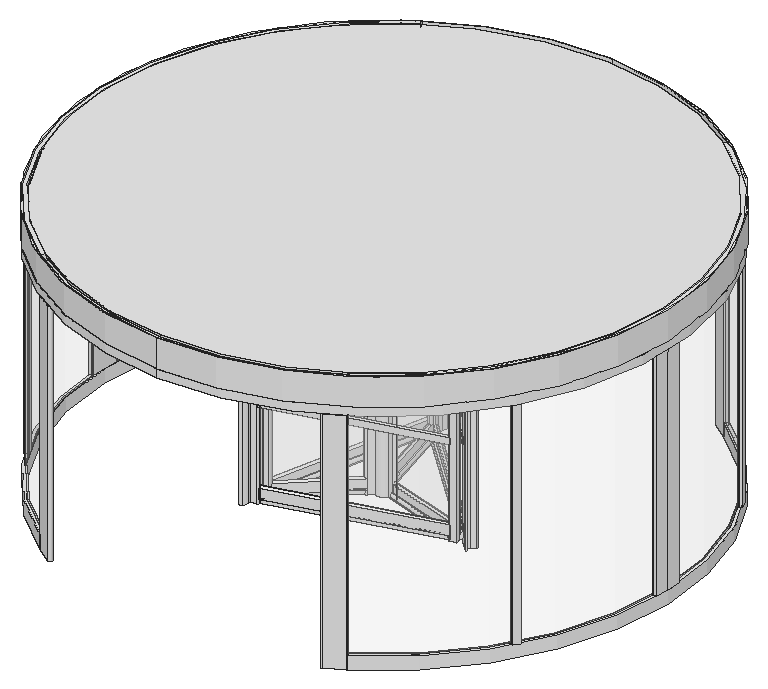
Revit family "Automatic Revolving Door RD3L", category Doors, host Wall, Revit 2019
Family settings
  Host = Wall
  OmniClass Number = 23.30.10.00
  OmniClass Title = Doors
  Always vertical = Yes
  Cut with Voids When Loaded = No
  Shared = No
  Room Calculation Point = No
Parameters (values of type "RD700 18'")
  Youtube clip = ""
  Wing Length = 3' - 0 23/32"
  Weight Net (Kg) = "0"
  URL = "http://besam.bimobject.com/RD3L"
  UNSPSC Code = "301715"
  Region South America = "All"
  Region Oceania = "All"
  Region North America = "All"
  Region Middle East = "All"
  Region Europe = "All"
  Region Asia = "All"
  Region Antarctica = "All"
  Region Africa = "All"
  QR code = "http://besam.bimobject.com/RD3L"
  Product certification = "http://www.assaabloyentrance.com/en/aaes/aaes/maintenance-and-modernization/Maintenance-programs-and-service/aaed-Pro-Active-Care/"
  Nominal width = "0.00"
  Nominal height = "0.00"
  NBS Reference Code = "25-30-20-70"
  Model = "RD3L"
  Material secondary = "Glass"
  Material main = "Aluminium"
  Manufacturer name = "Besam-EMEA"
  Manufacturer = "Besam"
  Folding Length = 5' - 9 9/16"
  Rotation Angle [instance] = 0.00°
  Midrail Option = yes
  Midrail Height Calc [instance] = if(Midrail Height > 1' 2 1/4", if(Midrail Height < 4' 5 5/8", Midrail Height, 4' 5 5/8"), 1' 2 1/4")  # 2' - 9.93701"
  Midrail Height = 2' - 9.93701"
  HI Calc = if(Height > 6' 6 3/4", if(Height < 8' 6 3/8", Height, 8' 6 3/8"), 6' 6 3/4")  # 7' - 2 1/2"
  HT = HI Calc + Above Panel Height Calc  # 8' - 4"
  HF Calc = if(HF > 0' 4 27/32", if(HF < 2' 11 7/16", HF, 2' 11 7/16"), 0' 4 27/32")  # 0' - 4 27/32"
  HF = 0' - 4.84252"
  Frame angle = 31.40°
  Radous 4 = Radius 3 + 0' 0 1/16"  # 8' - 11 51/64"
  EAN code = "http://-"
  Distance = Radius 1 - 0' 0 1/16"  # 8' - 10 7/64"
  Width (mm) = 0' - 0"
  WarrantyStartDate = ""
  WarrantyDuration = ""
  Uniclass 2.0 Description = "Revolving Doorset Systems"
  Uniclass 2.0 Code = "SS-25-30-20-70"
  Uniclass 1.4 Description = "Doors"
  Uniclass 1.4 Code = "L411"
  UNSPSC Category = "Doors"
  TypeName = ""
  Technical description = "http://www.besam.co.uk/en/besam/besam-uk/Products/?groupId=184473&productId=618109"
  TagNumber = ""
  TW = 8' - 6 1/32"
  Size = ""
  SerialNumber = ""
  Folding Angle = if(Door Folding, 32.00°, 180.00°)  # 32.00°
  Door Folding = yes
  Rotation Angle Calc [instance] = Rotation Angle + 45.00°  # 45.00°
  Radius 1 = Radius 3 - 0' 1 9/16"  # 8' - 10 11/64"
  Product identifier = "besam.bimobject.com/RD3L"
  Product group = "Besam Large 3-wing RD3L"
  Product family = "Automatic Revolving Doors"
  Product data url = "http://besam.bimobject.com/RD3L"
  Product SKU = "RD700"
  Omniclass = ""
  Name of the object = "RD700"
  NBS Reference Description = "Revolving Doorset Systems"
  Material = ""
  Manufacturer country = "Czech Republic"
  Manufacturer URL = "http://www.besam.co.uk"
  InstallationDate = ""
  Installation instructions = ""
  IFC Classification = "Door"
  Height (mm) = 0' - 0"
  Grade = ""
  Finish = ""
  Features = ""
  Extidentifier = ""
  Edition number = "2"
  Door Glass Material [instance] = Besam-Glass Clear
  Door Frame Material [instance] = Besam-Anodized Aluminium
  Disclaimer = "Consult product specification for sensors to comply with ANSI A156.27."
  Design country = "Sweden"
  Depth (mm) = 0' - 0"
  Depth = "0.00"
  Deep Tight Rail [instance] = yes
  Deep Bottom Rail [instance] = not(Deep Tight Rail)  # no
  Date of publishing = "2014-03-28"
  Function = Interior
  Height = 7' - 2 1/2"
  Wall Closure = By host
  Width = 17' - 11 25/32"
  Radius 2 = Radius 3 + 0' 0 13/32"  # 9' - 0 9/64"
  Radius 3 = (Width - 0' 0 5/16") / 2  # 8' - 11 47/64"
  Created on = ""
  Created by = ""
  ConnectionType = ""
  Colour = ""
  COBIe Type Category = ""
  Barcode = ""
  BIMobject category = "Revolving Doors"
  BIMobject QR code url = "http://besam.bimobject.com/RD3L"
  AssetIdentifier = ""
  Analytic Construction = "<None>"
  AccessibilityPerformance = ""
  Above Panel Height Calc = if(Above Panel Height > 1' 1 3/8", if(Above Panel Height < 4' 1 7/32", Above Panel Height, 4' 1 7/32"), 1' 1 3/8")  # 1' - 1 1/2"
  Above Panel Height = 1' - 1 1/2"
Reference planes (in)
  plane 1: y = 0
  plane 2 "Center (Left/Right)": x = 0
  plane 3 "Left": x = -107.89063
  plane 4 "Right": x = 107.89062
  plane 5 "Exterior": y = 0.94685
  plane 6 "Interior": y = -0.94685
  plane 7: x = -51.01563
  plane 8: x = 51.01562
  plane 9: x = -57.51169
  plane 10: x = 57.51169
  plane 11: z = 4.84375
  plane 12: z = 86.5
  plane 13: z = 100
  plane 14: z = 33.93701
Forms (in)
  Sweep 1, solid, material "Besam-Anodized Aluminium" <- "Door Frame Material"
    path origin (0, 0, 0) x (1, 0, 0) y (0, 1, 0)
      loop
        arc (-57.51169, 89.24614) -> (-106.17188, 0) -> (-57.51169, -89.24614) r 106.17188
    profile origin (-106.17188, 0, 0) x (1, 0, 0) y (0, 0, 1)
      loop
        line (-0.14173, 0) -> (-0.14173, 4.84375) -> (-0.39961, 4.84375) -> (-0.39961, 4.33415) -> (-0.75394, 4.33415) -> (-0.75394, 4.84375) -> (-1.71654, 4.84375) -> (-1.71654, 0) -> (-0.14173, 0)
  Sweep 2, solid, material "Besam-Glass Clear" <- "Door Glass Material"
    path origin (0, 0, 0) x (1, 0, 0) y (0, 1, 0)
      loop
        arc (-57.26351, 89.40558) -> (-106.17187, -0.00024) -> (-57.2631, -89.40584) r 106.17188
    profile origin (-106.17187, -0.00024, 0) x (1, 0.000002, 0) y (0, 0, 1)
      loop
        line (-0.75394, 4.33415) -> (-0.39961, 4.33415) -> (-0.39961, 87.09055) -> (-0.75394, 87.09055) -> (-0.75394, 4.33415)
  Sweep 3, solid, material "Besam-Anodized Aluminium" <- "Door Frame Material"
    path in 3D
      loop
        arc (-57.58846, 89.36527, 4.84375) -> (-106.31361, 0, 4.84375) -> (-57.58846, -89.36527, 4.84375) r 106.31361
    profile origin (-106.31361, 0, 4.84375) x (0, 0, -1) y (1, 0, 0)
      loop
        line (-95.15625, -1.57702) -> (-84.80586, -1.57702) -> (-84.80586, 0.43307) -> (-87.95546, 0.43307) -> (-87.95546, 6.49606) -> (-88.93971, 6.49606) -> (-88.93971, 4.13386) -> (-91.97863, 4.13386) -> (-91.97863, 6.49606) -> (-92.96288, 6.49606) -> (-92.96288, 0.59055) -> (-94.52206, 0.59055) -> (-94.52206, -0.00111) -> (-95.15625, -0.00111) -> (-95.15625, -1.57702)
  Sweep 4, solid, material "Besam-Anodized Aluminium" <- "Door Frame Material"
    path origin (0, 0, 0) x (-1, 0, 0) y (0, 1, 0)
      loop
        arc (-57.51169, 89.24614) -> (-106.17188, 0) -> (-57.51169, -89.24614) r 106.17188
    profile origin (106.17187, 0, 0) x (1, 0, 0) y (0, 0, 1)
      loop
        line (0.1378, 0) -> (1.7126, 0) -> (1.7126, 4.84375) -> (0.74887, 4.84375) -> (0.74887, 4.33502) -> (0.3937, 4.33502) -> (0.3937, 4.84375) -> (0.1378, 4.84375) -> (0.1378, 0)
  Sweep 5, solid, material "Besam-Glass Clear" <- "Door Glass Material"
    path origin (0, 0, 0) x (-1, 0, 0) y (0, 1, 0)
      loop
        arc (-57.51169, 89.24614) -> (-106.17188, 0) -> (-57.51169, -89.24614) r 106.17188
    profile origin (106.17187, 0, 0) x (1, 0, 0) y (0, 0, 1)
      loop
        line (0.74887, 4.33502) -> (0.74887, 87.09055) -> (0.3937, 87.09055) -> (0.3937, 4.33502) -> (0.74887, 4.33502)
  Extrusion 6, solid, material "Besam-Anodized Aluminium" <- "Door Frame Material"
    sketch origin (0, 0, 100) x (0, -1, 0) y (-1, 0, 0)
      loop
        circle (0, 0) r 106.10938
    from 0.62992 to 0
  Sweep 7, solid, material "Besam-Anodized Aluminium" <- "Door Frame Material"
    path origin (0, 0, 0) x (-0.866025, 0.5, 0) y (0, 0, 1)
      loop
        line (106.17187, 4.84375) -> (106.17187, 86.5)
    profile origin (-91.94754, 53.08594, 45.67188) x (0.866025, -0.5, 0) y (0.5, 0.866025, 0)
      loop
        line (-0.70095, -0.21892) -> (-0.35202, -0.21892) -> (-0.34649, -1.17507) -> (-0.09843, -1.1814) -> (-0.09843, 1.1811) -> (-0.38724, 1.1811) -> (-0.39345, 0.24619) -> (-0.7478, 0.24619) -> (-0.74238, 1.17741) -> (-1.7069, 1.18667) -> (-1.7069, -1.18667) -> (-0.70095, -1.17701) -> (-0.70095, -0.21892)
  Sweep 8, solid, material "Besam-Anodized Aluminium" <- "Door Frame Material"
    path origin (0, 0, 0) x (-1, 0, 0) y (0, 0, 1)
      loop
        line (106.17188, 4.84375) -> (106.17188, 86.5)
    profile origin (-106.17188, 0, 45.67188) x (1, 0, 0) y (0, 1, 0)
      loop
        line (-1.59643, -5.35794) -> (-0.57772, -5.30869) -> (-0.5913, -4.98557) -> (-0.23729, -4.97068) -> (-0.22359, -5.29657) -> (-0.0151, -5.28109)
        arc (-0.0151, -5.28109) -> (-0.16734, 0.00491) -> (-0.0151, 5.29091) r 91.84596
        line (-0.0151, 5.29091) -> (-0.22344, 5.30031) -> (-0.23827, 4.97146) -> (-0.59123, 4.98738) -> (-0.5768, 5.30728) -> (-1.59643, 5.36275)
        arc (-1.59643, 5.36275) -> (-1.74213, 0.00241) -> (-1.59643, -5.35794) r 98.67807
  Sweep 9, solid, material "Besam-Anodized Aluminium" <- "Door Frame Material"
    path origin (0, 0, 0) x (-0.866025, -0.5, 0) y (0, 0, 1)
      loop
        line (106.17187, 4.84375) -> (106.17187, 86.5)
    profile origin (-91.94754, -53.08594, 45.67188) x (0.866025, 0.5, 0) y (-0.5, 0.866025, 0)
      loop
        line (-1.66624, 1.191) -> (-1.70116, -1.18295) -> (-0.74238, -1.17741) -> (-0.7478, -0.23977) -> (-0.39347, -0.23977) -> (-0.38807, -1.17401) -> (-0.09218, -1.17401)
        arc (-0.09218, -1.17401) -> (-0.09843, 0) -> (-0.09218, 1.17401) r 110.29118
        line (-0.09218, 1.17401) -> (-0.35065, 1.17401) -> (-0.35616, 0.22466) -> (-0.71049, 0.22466) -> (-0.70496, 1.17686) -> (-1.66624, 1.191)
  Sweep 10, solid, material "Besam-Anodized Aluminium" <- "Door Frame Material"
    path origin (0, 0, 0) x (1, 0, 0) y (0, 0, 1)
      loop
        line (106.17187, 4.84375) -> (106.17187, 86.5)
    profile origin (106.17187, 0, 45.67188) x (-1, 0, 0) y (0, -1, 0)
      loop
        arc (-1.5347, 5.36445) -> (-1.6467, 2.6842) -> (-1.68404, 0.00186) r 96.35472
        arc (-1.68404, 0.00186) -> (-1.6467, -2.68047) -> (-1.5347, -5.36073) r 96.35472
        line (-1.5347, -5.36073) -> (-0.57134, -5.31416) -> (-0.58535, -4.9807) -> (-0.23133, -4.96583) -> (-0.21726, -5.30067) -> (0.04162, -5.28815)
        arc (0.04162, -5.28815) -> (-0.10581, 0.00005) -> (0.04163, 5.28825) r 94.90859
        line (0.04163, 5.28825) -> (-0.21647, 5.30073) -> (-0.23263, 4.96647) -> (-0.58161, 4.96647) -> (-0.57547, 5.31808) -> (-1.5347, 5.36445)
  Sweep 11, solid, material "Besam-Anodized Aluminium" <- "Door Frame Material"
    path origin (0, 0, 0) x (0.866025, 0.5, 0) y (0, 0, 1)
      loop
        line (106.17187, 4.84375) -> (106.17187, 86.5)
    profile origin (91.94754, 53.08594, 45.67188) x (-0.866025, -0.5, 0) y (0.5, -0.866025, 0)
      loop
        line (-0.69705, 0.84395) -> (-0.69431, 1.17701) -> (-1.65612, 1.18493) -> (-1.7069, -1.18667) -> (-0.74238, -1.17741) -> (-0.74628, -0.77068) -> (-0.39129, -0.76727) -> (-0.38739, -1.174) -> (-0.13134, -1.17177) -> (-0.08105, 1.17669) -> (-0.33999, 1.17443) -> (-0.34273, 0.84152) -> (-0.69705, 0.84395)
  Sweep 12, solid, material "Besam-Anodized Aluminium" <- "Door Frame Material"
    path origin (0, 0, 0) x (0.866025, -0.5, 0) y (0, 0, 1)
      loop
        line (106.17187, 4.84375) -> (106.17187, 86.5)
    profile origin (91.94754, -53.08594, 45.67188) x (-0.866025, 0.5, 0) y (-0.5, -0.866025, 0)
      loop
        line (-1.69821, 1.1733) -> (-1.66356, -1.18274) -> (-0.69962, -1.17716) -> (-0.70518, -0.21651) -> (-0.35085, -0.21447) -> (-0.3453, -1.17401) -> (-0.0912, -1.17401) -> (-0.0912, 1.17401) -> (-0.38807, 1.17401) -> (-0.39191, 0.66172) -> (-0.74623, 0.66438) -> (-0.74231, 1.18736) -> (-1.69821, 1.1733)
  Sweep 13, solid, material "Besam-Anodized Aluminium" <- "Door Frame Material"
    path origin (0, 0, 0) x (1, 0, 0) y (0, 1, 0)
      loop
        arc (57.51169, -89.24614) -> (106.17187, 0) -> (57.51169, 89.24614) r 106.17188
    profile origin (106.17187, 0, 0) x (-1, 0, 0) y (0, 0, 1)
      loop
        line (-1.71875, 100) -> (-1.71875, 89.64961) -> (0.4466, 89.64961) -> (0.4466, 92.79921) -> (6.5096, 92.79921) -> (6.5096, 93.78346) -> (4.14739, 93.78346) -> (4.14739, 96.82238) -> (6.5096, 96.82238) -> (6.5096, 97.80663) -> (0.60408, 97.80663) -> (0.60408, 99.36581) -> (0.01242, 99.36581) -> (0.01242, 100) -> (-1.71875, 100)
  Sweep 14, solid, material "Besam-Anodized Aluminium" <- "Door Frame Material"
    path origin (-55.31657, -90.62309, 0) x (0, 0, 1) y (-0.853551, 0.52101, 0)
      loop
        line (0, 0) -> (86.5, 0)
    profile origin (-55.31657, -90.62309, 43.25) x (-0.853551, 0.52101, 0) y (-0.52101, -0.853551, 0)
      loop
        arc (-4.71285, 1.68197) -> (-5.47285, 0.85864) -> (-4.67766, 0.06925) r 0.80709
        arc (-4.67766, 0.06925) -> (-1.02596, 0.16019) -> (2.6264, 0.10168) r 89.28488
        line (2.6264, 0.10168) -> (2.63602, 0.36529) -> (2.30368, 0.372) -> (2.31083, 0.72626) -> (2.64365, 0.71954) -> (2.66229, 1.68393)
        arc (2.66229, 1.68393) -> (-1.0253, 1.73696) -> (-4.71285, 1.68197) r 125.91606
  Sweep 15, solid, material "Besam-Anodized Aluminium" <- "Door Frame Material"
    path origin (55.31657, 90.62309, 0) x (0, 0, 1) y (0.853551, -0.52101, 0)
      loop
        line (0, 0) -> (86.5, 0)
    profile origin (55.31657, 90.62309, 43.25) x (0.853551, -0.52101, 0) y (0.52101, 0.853551, 0)
      loop
        arc (-4.71285, 1.68197) -> (-5.47285, 0.85864) -> (-4.67766, 0.06925) r 0.80709
        arc (-4.67766, 0.06925) -> (-1.02457, 0.16006) -> (2.62917, 0.10113) r 89.17636
        line (2.62917, 0.10113) -> (2.63877, 0.36335) -> (2.30319, 0.37564) -> (2.30775, 0.72395) -> (2.64151, 0.71958) -> (2.66186, 1.66425)
        arc (2.66186, 1.66425) -> (2.65197, 1.67864) -> (2.63477, 1.68168) r 0.02259
        arc (2.63477, 1.68168) -> (-1.03904, 1.73574) -> (-4.71285, 1.68197) r 125.19962
  Sweep 16, solid, material "Besam-Anodized Aluminium" <- "Door Frame Material"
    path origin (-55.31657, 90.62309, 0) x (0, 0, 1) y (0.853551, 0.52101, 0)
      loop
        line (0, 0) -> (86.5, 0)
    profile origin (-55.31657, 90.62309, 43.25) x (0.853551, 0.52101, 0) y (-0.52101, 0.853551, 0)
      loop
        arc (4.71311, 1.69378) -> (1.02535, 1.73124) -> (-2.66226, 1.68091) r 154.934
        line (-2.66226, 1.68091) -> (-2.64109, 0.71959) -> (-2.31131, 0.72625) -> (-2.30416, 0.37199) -> (-2.63388, 0.36534) -> (-2.62597, 0.10628)
        arc (-2.62597, 0.10628) -> (1.02621, 0.16127) -> (4.67792, 0.08106) r 98.67485
        arc (4.67792, 0.08106) -> (5.47311, 0.87045) -> (4.71311, 1.69378) r 0.80709
  Sweep 17, solid, material "Besam-Anodized Aluminium" <- "Door Frame Material"
    path origin (55.31657, -90.62309, 0) x (0, 0, 1) y (-0.853551, -0.52101, 0)
      loop
        line (0, 0) -> (86.5, 0)
    profile origin (55.31657, -90.62309, 43.25) x (-0.853551, -0.52101, 0) y (0.52101, -0.853551, 0)
      loop
        arc (4.66393, 0.08098) -> (5.47327, 0.88106) -> (4.67792, 1.69506) r 0.80709
        arc (4.67792, 1.69506) -> (1.0175, 1.71819) -> (-2.64281, 1.6814) r 223.64401
        arc (-2.64281, 1.6814) -> (-2.65898, 1.67284) -> (-2.66165, 1.65474) r 0.02026
        line (-2.66165, 1.65474) -> (-2.64151, 0.71958) -> (-2.3118, 0.72669) -> (-2.30416, 0.37199) -> (-2.63388, 0.36489) -> (-2.62821, 0.10162)
        arc (-2.62821, 0.10162) -> (1.01806, 0.16001) -> (4.66393, 0.08098) r 96.77566
  Sweep 18, solid, material "Besam-Anodized Aluminium" <- "Door Frame Material"
    path in 3D
      loop
        arc (0, 108.14062, 100) -> (108.14062, 0, 100) -> (0, -108.14062, 100) r 108.14062
        arc (0, -108.14062, 100) -> (-108.14063, 0, 100) -> (0, 108.14062, 100) r 108.14062
    profile origin (-108.14063, 0, 100) x (-1, 0, 0) y (0, 0, 1)
      loop
        line (0, -10.35039) -> (-1.5748, -10.35039) -> (-1.5748, -13.5) -> (-1.39765, -13.5) -> (-1.39765, -12.90945) -> (-1.0442, -12.90945) -> (-1.0442, -13.5) -> (0, -13.5) -> (0, -10.35039)
  Sweep 19, solid, material "Besam-Anodized Aluminium" <- "Door Frame Material"
    path origin (0, 0, 0) x (1, 0, 0) y (0, 0, 1)
      loop
        line (0, 0) -> (0, 86.5)
    profile origin (0, 0, 43.25) x (-1, 0, 0) y (0, -1, 0)
      loop
        circle (0, 0) r 2.95276
  Sweep 20, solid, material "Besam-Anodized Aluminium" <- "Door Frame Material"
    path origin (35.46759, -9.50351, 0) x (-0.965926, 0.258819, 0) y (0, 0, 1)
      loop
        line (36.71875, 0) -> (36.71875, 86.5)
    profile origin (0, 0, 43.25) x (0.965926, -0.258819, 0) y (0.258819, 0.965926, 0)
      loop
        line (3.06879, 0.80079) -> (3.06879, -0.77937) -> (5.1188, -0.77937)
        arc (5.1188, -0.77937) -> (5.66436, -0.59884) -> (5.99456, -0.12852) r 0.91461
        line (5.99456, -0.12852) -> (5.33429, -0.12852) -> (5.33429, 0.12565) -> (6.00395, 0.12565)
        arc (6.00395, 0.12565) -> (5.67483, 0.61426) -> (5.11603, 0.80079) r 0.91454
        line (5.11603, 0.80079) -> (3.06879, 0.80079)
      loop
        line (36.48445, -0.7874) -> (36.48445, 0.7874) -> (34.43309, 0.7874)
        arc (34.43309, 0.7874) -> (33.88258, 0.6035) -> (33.55314, 0.12565) r 0.91592
        line (33.55314, 0.12565) -> (34.21803, 0.12565) -> (34.21803, -0.12852) -> (33.55284, -0.12852)
        arc (33.55284, -0.12852) -> (33.88457, -0.60622) -> (34.43721, -0.7874) r 0.91472
        line (34.43721, -0.7874) -> (36.48445, -0.7874)
  Sweep 21, solid, material "Besam-Glass Clear" <- "Door Glass Material"
    path origin (35.46759, -9.50351, 0) x (-0.965926, 0.258819, 0) y (0, 0, 1)
      loop
        line (36.71875, 84.92371) -> (36.71875, 4.87159)
    profile origin (0, 0, 44.89765) x (0.258819, 0.965926, 0) y (-0.965926, 0.258819, 0)
      loop
        line (0.12565, -34.21803) -> (0.12565, -5.33429) -> (-0.12852, -5.33429) -> (-0.12852, -34.21803) -> (0.12565, -34.21803)
  Sweep 22, solid, material "Besam-Anodized Aluminium" <- "Door Frame Material"
    path origin (0, 0, 0) x (-0.707107, -0.707107, 0) y (0, 0, 1)
      loop
        line (0, 86.5) -> (0, 0)
    profile origin (0, 0, 43.25) x (-0.707107, 0.707107, 0) y (-0.707107, -0.707107, 0)
      loop
        line (-0.7874, 3.07087) -> (0.7874, 3.07087) -> (0.7874, 5.11811)
        arc (0.7874, 5.11811) -> (0.6043, 5.66862) -> (0.12795, 5.99979) r 0.91912
        line (0.12795, 5.99979) -> (0.12795, 5.33465) -> (-0.12795, 5.33465) -> (-0.12795, 5.99979)
        arc (-0.12795, 5.99979) -> (-0.6043, 5.66862) -> (-0.7874, 5.11811) r 0.91912
        line (-0.7874, 5.11811) -> (-0.7874, 3.07087)
      loop
        line (-0.7874, 36.48253) -> (-0.7874, 34.43529)
        arc (-0.7874, 34.43529) -> (-0.6055, 33.88388) -> (-0.12795, 33.55361) r 0.91317
        line (-0.12795, 33.55361) -> (-0.12795, 34.21875) -> (0.12795, 34.21875) -> (0.12795, 33.55361)
        arc (0.12795, 33.55361) -> (0.6043, 33.88478) -> (0.7874, 34.43529) r 0.91912
        line (0.7874, 34.43529) -> (0.7874, 36.48253) -> (-0.7874, 36.48253)
  Sweep 23, solid, material "Besam-Glass Clear" <- "Door Glass Material"
    path origin (0, 0, 0) x (-0.707107, -0.707107, 0) y (0, 0, 1)
      loop
        line (0, 84.9265) -> (0, 4.87303)
    profile origin (0, 0, 44.89977) x (-0.707107, 0.707107, 0) y (-0.707107, -0.707107, 0)
      loop
        line (-0.12795, 5.33465) -> (0.12795, 5.33465) -> (0.12795, 34.21875) -> (-0.12795, 34.21875) -> (-0.12795, 5.33465)
  Sweep 24, solid, material "Besam-Anodized Aluminium" <- "Door Frame Material"
    path origin (0, 0, 0) x (-0.258819, 0.965926, 0) y (0, 0, 1)
      loop
        line (0, 86.5) -> (0, 0)
    profile origin (0, 0, 43.25) x (0.965926, 0.258819, 0) y (-0.258819, 0.965926, 0)
      loop
        line (0.7874, 3.07087) -> (0.7874, 5.11811)
        arc (0.7874, 5.11811) -> (0.60547, 5.66949) -> (0.12795, 5.99979) r 0.91332
        line (0.12795, 5.99979) -> (0.12795, 5.33465) -> (-0.12795, 5.33465) -> (-0.12795, 5.99979)
        arc (-0.12795, 5.99979) -> (-0.6043, 5.66862) -> (-0.7874, 5.11811) r 0.91912
        line (-0.7874, 5.11811) -> (-0.7874, 3.07087) -> (0.7874, 3.07087)
      loop
        line (0.7874, 36.48253) -> (-0.7874, 36.48253) -> (-0.7874, 34.43529)
        arc (-0.7874, 34.43529) -> (-0.6043, 33.88478) -> (-0.12795, 33.55361) r 0.91912
        line (-0.12795, 33.55361) -> (-0.12795, 34.21875) -> (0.12795, 34.21875) -> (0.12795, 33.55361)
        arc (0.12795, 33.55361) -> (0.60494, 33.8843) -> (0.7874, 34.43529) r 0.91592
        line (0.7874, 34.43529) -> (0.7874, 36.48253)
  Sweep 25, solid, material "Besam-Glass Clear" <- "Door Glass Material"
    path origin (0, 0, 0) x (-0.258819, 0.965926, 0) y (0, 0, 1)
      loop
        line (0, 84.9265) -> (0, 4.87227)
    profile origin (0, 0, 44.89938) x (0.965926, 0.258819, 0) y (-0.258819, 0.965926, 0)
      loop
        line (0.12795, 5.33465) -> (0.12795, 34.21875) -> (-0.12795, 34.21875) -> (-0.12795, 5.33465) -> (0.12795, 5.33465)
  Sweep 26, solid, material "Besam-Anodized Aluminium" <- "Door Frame Material"
    path origin (-9.50351, 35.46759, 0) x (0.731354, -0.681998, 0) y (0, 0, 1)
      loop
        line (21.27953, 86.5) -> (21.27953, 0)
    profile origin (6.05935, 20.95499, 43.25) x (-0.681998, -0.731354, 0) y (0.731354, -0.681998, 0)
      loop
        line (-0.7874, -19.23228) -> (-0.7874, -21.27953) -> (0.7874, -21.27953) -> (0.7874, -19.23228)
        arc (0.7874, -19.23228) -> (0.6043, -18.68178) -> (0.12795, -18.3506) r 0.91912
        line (0.12795, -18.3506) -> (0.12795, -19.01575) -> (-0.12795, -19.01575) -> (-0.12795, -18.3506)
        arc (-0.12795, -18.3506) -> (-0.6043, -18.68178) -> (-0.7874, -19.23228) r 0.91912
      loop
        arc (-2.74422, 47.26881) -> (-3.24282, 46.93457) -> (-3.11633, 46.34778) r 0.53446
        arc (-3.11633, 46.34778) -> (-2.36618, 45.49724) -> (-1.41952, 44.87276) r 4.29379
        arc (-1.41952, 44.87276) -> (-1.11493, 44.75942) -> (-0.79449, 44.70529) r 1.72307
        line (-0.79449, 44.70529) -> (-0.79449, 42.64603)
        arc (-0.79449, 42.64603) -> (-0.60326, 42.10046) -> (-0.12795, 41.77137) r 0.93576
        line (-0.12795, 41.77137) -> (-0.12795, 42.43652) -> (0.12795, 42.43652) -> (0.12795, 41.77137)
        arc (0.12795, 41.77137) -> (0.60545, 42.10169) -> (0.7874, 42.65305) r 0.91341
        line (0.7874, 42.65305) -> (0.7874, 46.2751) -> (0.68111, 46.2751) -> (0.68111, 48.32628) -> (0.46063, 48.32628) -> (0.50411, 46.33354) -> (0.3233, 46.33354) -> (-1.16937, 46.92243)
        arc (-1.16937, 46.92243) -> (-1.93848, 47.17891) -> (-2.74422, 47.26881) r 3.85376
  Sweep 27, solid, material "Besam-Glass Clear" <- "Door Glass Material"
    path origin (-9.50351, 35.46759, 0) x (0.731354, -0.681998, 0) y (0, 0, 1)
      loop
        line (-42.55906, 84.92535) -> (-42.55906, 4.87402)
    profile origin (-40.62923, 64.49279, 44.89968) x (-0.681998, -0.731354, 0) y (0.731354, -0.681998, 0)
      loop
        line (-0.12795, 106.2751) -> (-0.12795, 44.82283) -> (0.12795, 44.82283) -> (0.12795, 106.2751) -> (-0.12795, 106.2751)
  Sweep 28, solid, material "Besam-Anodized Aluminium" <- "Door Frame Material"
    path origin (-25.96408, -25.96408, 0) x (0.224951, 0.97437, 0) y (0, 0, 1)
      loop
        line (-42.55906, 86.5) -> (-42.55906, 0)
    profile origin (-35.53778, -67.43235, 43.25) x (0.97437, -0.224951, 0) y (0.224951, 0.97437, 0)
      loop
        line (0.68111, 112.16486) -> (0.46063, 112.16486) -> (0.46063, 110.17078) -> (0.33024, 110.17078) -> (-1.16937, 110.76101)
        arc (-1.16937, 110.76101) -> (-1.93848, 111.01749) -> (-2.74422, 111.10739) r 3.85376
        arc (-2.74422, 111.10739) -> (-3.23395, 110.79382) -> (-3.14753, 110.21876) r 0.53446
        arc (-3.14753, 110.21876) -> (-2.26748, 109.36013) -> (-1.27145, 108.63928) r 8.39403
        line (-1.27145, 108.63928) -> (-0.78732, 108.63928) -> (-0.78732, 106.47974)
        arc (-0.78732, 106.47974) -> (-0.60385, 105.93401) -> (-0.12795, 105.60995) r 0.90336
        line (-0.12795, 105.60995) -> (-0.12795, 106.2751) -> (0.12795, 106.2751) -> (0.12795, 105.60995)
        arc (0.12795, 105.60995) -> (0.60555, 105.9402) -> (0.7874, 106.49163) r 0.91294
        line (0.7874, 106.49163) -> (0.7874, 110.11368) -> (0.67346, 110.11368) -> (0.68111, 112.16486)
      loop
        line (0.7874, 42.55906) -> (0.7874, 44.6063)
        arc (0.7874, 44.6063) -> (0.6055, 45.1577) -> (0.12795, 45.48798) r 0.91318
        line (0.12795, 45.48798) -> (0.12795, 44.82283) -> (-0.12795, 44.82283) -> (-0.12795, 45.48798)
        arc (-0.12795, 45.48798) -> (-0.60428, 45.15717) -> (-0.7874, 44.60691) r 0.9183
        line (-0.7874, 44.60691) -> (-0.7874, 42.55906) -> (0.7874, 42.55906)
  Sweep 29, solid, material "Besam-Glass Clear" <- "Door Glass Material"
    path origin (-25.96408, -25.96408, 0) x (0.224951, 0.97437, 0) y (0, 0, 1)
      loop
        line (-42.55906, 4.94639) -> (-42.55906, 84.9252)
    profile origin (-35.53778, -67.43235, 44.93579) x (-0.224951, -0.97437, 0) y (0.97437, -0.224951, 0)
      loop
        line (-106.2751, 0.12795) -> (-106.2751, -0.12795) -> (-44.82283, -0.12795) -> (-44.82283, 0.12795) -> (-106.2751, 0.12795)
  Sweep 30, solid, material "Besam-Anodized Aluminium" <- "Door Frame Material"
    path origin (35.46759, -9.50351, 0) x (-0.956305, -0.292372, 0) y (0, 0, 1)
      loop
        line (-42.55906, 0) -> (-42.55906, 86.5)
    profile origin (76.16702, 2.93955, 43.25) x (0.956305, 0.292372, 0) y (-0.292372, 0.956305, 0)
      loop
        line (-42.44094, 0.7874) -> (-44.6063, 0.7874)
        arc (-44.6063, 0.7874) -> (-45.15773, 0.60554) -> (-45.48798, 0.12795) r 0.91298
        line (-45.48798, 0.12795) -> (-44.82283, 0.12795) -> (-44.82283, -0.12795) -> (-45.48798, -0.12795)
        arc (-45.48798, -0.12795) -> (-45.15681, -0.6043) -> (-44.6063, -0.7874) r 0.91912
        line (-44.6063, -0.7874) -> (-42.44094, -0.7874) -> (-42.44094, 0.7874)
      loop
        line (-108.63928, -0.7874) -> (-106.4869, -0.7874)
        arc (-106.4869, -0.7874) -> (-105.93772, -0.60419) -> (-105.60854, -0.12795) r 0.91469
        line (-105.60854, -0.12795) -> (-106.27394, -0.12795) -> (-106.27394, 0.12795) -> (-105.60995, 0.12795)
        arc (-105.60995, 0.12795) -> (-105.9402, 0.60554) -> (-106.49163, 0.7874) r 0.91299
        line (-106.49163, 0.7874) -> (-110.11368, 0.7874) -> (-110.11368, 0.67252) -> (-112.16486, 0.67252) -> (-112.16486, 0.46922) -> (-110.16941, 0.46922) -> (-110.16941, 0.33018) -> (-110.76101, -1.16937)
        arc (-110.76101, -1.16937) -> (-110.99704, -1.94297) -> (-111.10739, -2.74422) r 5.08326
        arc (-111.10739, -2.74422) -> (-110.80132, -3.25048) -> (-110.21876, -3.14753) r 0.52312
        arc (-110.21876, -3.14753) -> (-109.29965, -2.34787) -> (-108.65668, -1.31308) r 4.09217
        arc (-108.65668, -1.31308) -> (-108.64449, -1.27568) -> (-108.63928, -1.23669) r 0.21586
        line (-108.63928, -1.23669) -> (-108.63928, -0.7874)
  Sweep 31, solid, material "Besam-Glass Clear" <- "Door Glass Material"
    path origin (35.46759, -9.50351, 0) x (-0.956305, -0.292372, 0) y (0, 0, 1)
      loop
        line (-42.55906, 84.92371) -> (-42.55906, 5.87552)
    profile origin (76.16702, 2.93955, 45.39961) x (-0.292372, 0.956305, 0) y (-0.956305, -0.292372, 0)
      loop
        line (-0.12795, 44.82283) -> (0.12795, 44.82283) -> (0.12795, 106.27394) -> (-0.12795, 106.27394) -> (-0.12795, 44.82283)
  Sweep 32, solid, material "Besam-Anodized Aluminium" <- "Door Frame Material"
    path origin (35.46759, -9.50351, 0) x (-0.965926, 0.258819, 0) y (0, 0, 1)
      loop
        line (31.38446, 86.5) -> (2.50072, 86.5)
    profile origin (19.10231, -5.11845, 86.5) x (0, 0, -1) y (0.258819, 0.965926, 0)
      loop
        line (2.75591, 0.12795) -> (2.16535, 0.78701) -> (0, 0.78701) -> (0, -0.78936) -> (2.16535, -0.78936) -> (2.75591, -0.12852) -> (2.16535, -0.12852) -> (2.16535, 0.12795) -> (2.75591, 0.12795)
  Sweep 33, solid, material "Besam-Anodized Aluminium" <- "Door Frame Material"
    path origin (35.46759, -9.50351, 0) x (-0.965926, 0.258819, 0) y (0, 0, 1)
      loop
        line (31.38446, 0) -> (2.50072, 0)
    profile origin (19.10231, -5.11845, 0) x (0, 0, -1) y (0.258819, 0.965926, 0)
      loop
        line (0, 0.33381) -> (-1.61259, 0.33381) -> (-1.61259, 0.77937) -> (-5.38801, 0.77937) -> (-5.97497, 0.12565) -> (-4.87301, 0.12565) -> (-4.87301, -0.12852) -> (-5.99518, -0.12852) -> (-5.38801, -0.80005) -> (-2.66287, -0.80005)
        arc (-2.66287, -0.80005) -> (-2.68085, -1.0475) -> (-2.54156, -1.25281) r 0.37806
        arc (-2.54156, -1.25281) -> (-1.84254, -1.60693) -> (-1.06516, -1.70542) r 2.2965
        arc (-1.06516, -1.70542) -> (-0.72393, -1.47351) -> (-0.77708, -1.06436) r 0.3937
        line (-0.77708, -1.06436) -> (-1.61259, -0.03259) -> (-1.61259, 0.13574) -> (0, 0.13574) -> (0, 0.33381)
  Sweep 34, solid, material "Besam-Anodized Aluminium" <- "Door Frame Material"
    path origin (35.46759, -9.50351, 0) x (-0.956305, -0.292372, 0) y (0, 0, 1)
      loop
        line (2.26378, 86.5) -> (63.71489, 86.5)
    profile origin (3.91973, -19.14866, 86.5) x (0, 0, 1) y (-0.292372, 0.956305, 0)
      loop
        line (-2.16535, -0.78701) -> (0, -0.78701) -> (0, 0.78936) -> (-2.16535, 0.78936) -> (-2.75591, 0.12852) -> (-2.16535, 0.12852) -> (-2.16535, -0.12795) -> (-2.75591, -0.12795) -> (-2.16535, -0.78701)
  Sweep 35, solid, material "Besam-Anodized Aluminium" <- "Door Frame Material"
    path origin (35.46759, -9.50351, 0) x (-0.956305, -0.292372, 0) y (0, 0, 1)
      loop
        line (2.26378, 0) -> (63.71489, 0)
    profile origin (3.91973, -19.14866, 0) x (0, 0, 1) y (-0.292372, 0.956305, 0)
      loop
        line (0.77708, 1.06436) -> (1.61259, 0.03259) -> (1.61259, -0.13574) -> (0, -0.13574) -> (0, -0.33381) -> (1.61259, -0.33381) -> (1.61259, -0.77937) -> (5.38801, -0.77937) -> (5.97497, -0.12565) -> (4.87301, -0.12565) -> (4.87301, 0.12852) -> (5.99518, 0.12852) -> (5.38801, 0.80005) -> (2.66287, 0.80005)
        arc (2.66287, 0.80005) -> (2.68085, 1.0475) -> (2.54156, 1.25281) r 0.37806
        arc (2.54156, 1.25281) -> (1.84254, 1.60693) -> (1.06516, 1.70542) r 2.2965
        arc (1.06516, 1.70542) -> (0.72393, 1.47351) -> (0.77708, 1.06436) r 0.3937
  Sweep 36, solid, material "Besam-Anodized Aluminium" <- "Door Frame Material"
    path origin (-25.96408, -25.96408, 0) x (0.224951, 0.97437, 0) y (0, 0, 1)
      loop
        line (63.71604, 86.5) -> (2.26378, 86.5)
    profile origin (-18.54296, 6.18031, 86.5) x (0, 0, -1) y (0.97437, -0.224951, 0)
      loop
        line (2.16405, 0.7874) -> (0, 0.7874) -> (0, -0.7874) -> (2.16535, -0.7874) -> (2.75591, -0.12795) -> (2.16535, -0.12795) -> (2.16535, 0.12795) -> (2.75591, 0.12795) -> (2.16405, 0.7874)
  Sweep 37, solid, material "Besam-Anodized Aluminium" <- "Door Frame Material"
    path origin (0, 0, 0) x (-0.707107, -0.707107, 0) y (0, 0, 1)
      loop
        line (34.21875, 86.5) -> (5.33465, 86.5)
    profile origin (-13.98424, -13.98424, 86.5) x (0, 0, -1) y (-0.707107, 0.707107, 0)
      loop
        line (0, 0.7874) -> (0, -0.7874) -> (2.16535, -0.7874) -> (2.75591, -0.12795) -> (2.16535, -0.12795) -> (2.16535, 0.12795) -> (2.75591, 0.12795) -> (2.16405, 0.7874) -> (0, 0.7874)
  Sweep 38, solid, material "Besam-Anodized Aluminium" <- "Door Frame Material"
    path origin (0, 0, 0) x (-0.707107, -0.707107, 0) y (0, 0, 1)
      loop
        line (34.21875, 0) -> (5.33465, 0)
    profile origin (-13.98424, -13.98424, 0) x (0, 0, -1) y (-0.707107, 0.707107, 0)
      loop
        line (0, -0.34738) -> (0, -0.14931) -> (-1.61259, -0.14931) -> (-1.61259, 0.01902) -> (-0.77708, 1.05079)
        arc (-0.77708, 1.05079) -> (-0.72393, 1.45994) -> (-1.06516, 1.69185) r 0.3937
        arc (-1.06516, 1.69185) -> (-1.84254, 1.59336) -> (-2.54156, 1.23924) r 2.2965
        arc (-2.54156, 1.23924) -> (-2.68085, 1.03393) -> (-2.66287, 0.78648) r 0.37806
        line (-2.66287, 0.78648) -> (-5.38801, 0.78648) -> (-5.98425, 0.12703) -> (-4.87301, 0.12703) -> (-4.87301, -0.12888) -> (-5.98425, -0.12888) -> (-5.38801, -0.79294) -> (-1.61259, -0.79294) -> (-1.61259, -0.34738) -> (0, -0.34738)
  Sweep 39, solid, material "Besam-Anodized Aluminium" <- "Door Frame Material"
    path origin (-25.96408, -25.96408, 0) x (0.224951, 0.97437, 0) y (0, 0, 1)
      loop
        line (63.71604, 0) -> (2.26378, 0)
    profile origin (-18.54296, 6.18031, 0) x (0, 0, -1) y (0.97437, -0.224951, 0)
      loop
        line (-2.66287, 0.78648) -> (-5.38801, 0.78648) -> (-5.98425, 0.12703) -> (-4.87301, 0.12703) -> (-4.87301, -0.12888) -> (-5.98425, -0.12888) -> (-5.38801, -0.79294) -> (-1.61259, -0.79294) -> (-1.61259, -0.34738) -> (0, -0.34738) -> (0, -0.14931) -> (-1.61259, -0.14931) -> (-1.61259, 0.01902) -> (-0.77708, 1.05079)
        arc (-0.77708, 1.05079) -> (-0.72393, 1.45994) -> (-1.06516, 1.69185) r 0.3937
        arc (-1.06516, 1.69185) -> (-1.84254, 1.59336) -> (-2.54156, 1.23924) r 2.2965
        arc (-2.54156, 1.23924) -> (-2.68085, 1.03393) -> (-2.66287, 0.78648) r 0.37806
  Sweep 40, solid, material "Besam-Anodized Aluminium" <- "Door Frame Material"
    path origin (0, 0, 0) x (-0.258819, 0.965926, 0) y (0, 0, 1)
      loop
        line (34.21875, 0) -> (5.33465, 0)
    profile origin (-5.11859, 19.10282, 0) x (0, 0, -1) y (0.965926, 0.258819, 0)
      loop
        line (-5.98425, 0.12795) -> (-4.87301, 0.12795) -> (-4.87301, -0.12795) -> (-5.98425, -0.12795) -> (-5.38801, -0.79202) -> (-1.61259, -0.79202) -> (-1.61259, -0.34646) -> (0, -0.34646) -> (0, -0.14838) -> (-1.61259, -0.14838) -> (-1.61259, 0.01994) -> (-0.77708, 1.05171)
        arc (-0.77708, 1.05171) -> (-0.72393, 1.46086) -> (-1.06516, 1.69277) r 0.3937
        arc (-1.06516, 1.69277) -> (-1.84254, 1.59428) -> (-2.54156, 1.24016) r 2.2965
        arc (-2.54156, 1.24016) -> (-2.68085, 1.03485) -> (-2.66287, 0.7874) r 0.37806
        line (-2.66287, 0.7874) -> (-5.38801, 0.7874) -> (-5.98425, 0.12795)
  Sweep 41, solid, material "Besam-Anodized Aluminium" <- "Door Frame Material"
    path origin (0, 0, 0) x (-0.258819, 0.965926, 0) y (0, 0, 1)
      loop
        line (34.21875, 86.5) -> (5.33465, 86.5)
    profile origin (-5.11859, 19.10282, 86.5) x (0, 0, -1) y (0.965926, 0.258819, 0)
      loop
        line (1.38133, -0.78995) -> (1.97222, -0.12795) -> (1.57465, -0.12795) -> (1.57465, 0.12795) -> (1.9696, 0.12795) -> (1.38133, 0.78485) -> (-0.59055, 0.78485) -> (-0.59055, -0.78995) -> (1.38133, -0.78995)
  Sweep 42, solid, material "Besam-Anodized Aluminium" <- "Door Frame Material"
    path origin (-9.50351, 35.46759, 0) x (0.731354, -0.681998, 0) y (0, 0, 1)
      loop
        line (63.71604, 0) -> (2.26378, 0)
    profile origin (14.62378, 12.96852, 0) x (0, 0, -1) y (-0.681998, -0.731354, 0)
      loop
        arc (-1.06516, 1.69277) -> (-1.84254, 1.59428) -> (-2.54156, 1.24016) r 2.2965
        arc (-2.54156, 1.24016) -> (-2.68085, 1.03485) -> (-2.66287, 0.7874) r 0.37806
        line (-2.66287, 0.7874) -> (-5.38801, 0.7874) -> (-5.98425, 0.12795) -> (-4.87301, 0.12795) -> (-4.87301, -0.12795) -> (-5.98425, -0.12795) -> (-5.38801, -0.79202) -> (-1.61259, -0.79202) -> (-1.61259, -0.34646) -> (0, -0.34646) -> (0, -0.14838) -> (-1.61259, -0.14838) -> (-1.61259, 0.01994) -> (-0.77708, 1.05171)
        arc (-0.77708, 1.05171) -> (-0.72393, 1.46086) -> (-1.06516, 1.69277) r 0.3937
  Sweep 43, solid, material "Besam-Anodized Aluminium" <- "Door Frame Material"
    path origin (-9.50351, 35.46759, 0) x (0.731354, -0.681998, 0) y (0, 0, 1)
      loop
        line (2.26378, 86.5) -> (63.71604, 86.5)
    profile origin (14.62378, 12.96852, 86.5) x (0, 0, 1) y (-0.681998, -0.731354, 0)
      loop
        line (-1.97188, 0.78485) -> (-2.56015, 0.12795) -> (-2.1652, 0.12795) -> (-2.1652, -0.12795) -> (-2.56277, -0.12795) -> (-1.97188, -0.78995) -> (0, -0.78995) -> (0, 0.78485) -> (-1.97188, 0.78485)
  Sweep 44, solid, material "Besam-Anodized Aluminium" <- "Door Frame Material"
    path origin (0, 0, 0) x (0, 1, 0) y (0, 0, 1)
      loop
        line (0.59055, 89.64961) -> (0.59055, 90.67323)
    profile origin (0, 0.59055, 90.16142) x (0, -1, 0) y (1, 0, 0)
      loop
        circle (0.59055, 0) r 106.10938
  Sweep 45, solid, material "Besam-Anodized Aluminium" <- "Door Frame Material"
    path origin (0, 0, 0) x (0, 1, 0) y (0, 0, 1)
      loop
        line (0, 89.64961) -> (0, 100)
    profile origin (0, 0, 94.8248) x (0, -1, 0) y (1, 0, 0)
      loop
        circle (0, 0) r 107.79688
      loop
        circle (0, 0) r 108.14062
  Sweep 46, solid, material "Besam-Anodized Aluminium" <- "Door Frame Material", visible <- "Midrail Option"
    path origin (-121.51242, -11.81102, 33.93701) x (-1, 0, 0) y (0, -1, 0)
      loop
        line (-113.66453, -45.73472) -> (-158.60787, -3.82438)
    profile "Rec : Rec" origin (14.62378, 12.96852, 33.93701) x (0.681998, 0.731354, 0) y (0, 0, 1)
      loop
        line (-0.7874, 1.1811) -> (-0.7874, -1.1811) -> (0.7874, -1.1811) -> (0.7874, 1.1811) -> (-0.7874, 1.1811)
  Sweep 47, solid, material "Besam-Anodized Aluminium" <- "Door Frame Material", visible <- "Midrail Option"
    path origin (-121.51242, -11.81102, 33.93701) x (-1, 0, 0) y (0, -1, 0)
      loop
        line (-96.05758, 11.94729) -> (-109.88133, -47.92995)
    profile "Rec : Rec" origin (-18.54296, 6.18031, 33.93701) x (-0.97437, 0.224951, 0) y (0, 0, 1)
      loop
        line (-0.7874, 1.1811) -> (-0.7874, -1.1811) -> (0.7874, -1.1811) -> (0.7874, 1.1811) -> (-0.7874, 1.1811)
  Sweep 48, solid, material "Besam-Anodized Aluminium" <- "Door Frame Material", visible <- "Midrail Option"
    path origin (-121.51242, -11.81102, 33.93701) x (-1, 0, 0) y (0, -1, 0)
      loop
        line (-154.81514, -1.64565) -> (-96.04916, 16.32092)
    profile "Rec : Rec" origin (3.91973, -19.14866, 33.93701) x (0.292372, -0.956305, 0) y (0, 0, 1)
      loop
        line (-0.7874, 1.1811) -> (-0.7874, -1.1811) -> (0.7874, -1.1811) -> (0.7874, 1.1811) -> (-0.7874, 1.1811)
Lines and regions (in)
  Opening 1
    outline origin (-196.85039, -0.94685, 0) x (1, 0, 0) y (0, 0, 1)
      loop
        line (88.95977, 100) -> (88.95977, 0) -> (304.74102, 0) -> (304.74102, 100) -> (88.95977, 100)
  sketch lines
    curve 1: arc (-57.58846, 89.36527, 4.84375) -> (-106.31361, 0, 4.84375) -> (-57.58846, -89.36527, 4.84375) r 106.31361
    curve 18: arc (0, -108.14062, 100) -> (-108.14063, 0, 100) -> (0, 108.14062, 100) r 108.14062
    curve 19: arc (0, 108.14062, 100) -> (108.14062, 0, 100) -> (0, -108.14062, 100) r 108.14062
  reference lines
    curve 2: line (0, 0, 0) -> (-91.94754, 53.08594, 0)
    curve 3: line (0, 0, 0) -> (-106.17188, 0, 0)
    curve 4: line (0, 0, 0) -> (-91.94754, -53.08594, 0)
    curve 5: line (0, 0, 0) -> (106.17187, 0, 0)
    curve 6: line (0, 0, 0) -> (91.94754, 53.08594, 0)
    curve 7: line (0, 0, 0) -> (91.94754, -53.08594, 0)
    curve 8: line (0, 0, 0) -> (-55.31657, -90.62309, 0)
    curve 9: line (0, 0, 0) -> (55.31657, 90.62309, 0)
    curve 10: line (0, 0, 0) -> (-55.31657, 90.62309, 0)
    curve 11: line (0, 0, 0) -> (55.31657, -90.62309, 0)
    curve 12: line (35.46759, -9.50351, 0) -> (0, 0, 0)
    curve 13: line (0, 0, 0) -> (-25.96408, -25.96408, 0)
    curve 14: line (0, 0, 0) -> (-9.50351, 35.46759, 0)
    curve 15: line (-9.50351, 35.46759, 0) -> (41.37128, -11.97392, 0)
    curve 16: line (-25.96408, -25.96408, 0) -> (-10.31592, 41.81554, 0)
    curve 17: line (35.46759, -9.50351, 0) -> (-31.05536, -29.84162, 0)
  symbolic lines
    curve 20: arc (0, 108.14063, 100) -> (-108.14063, 0, 100) -> (0, -108.14062, 100) r 108.14062
    curve 21: arc (0, -108.14062, 100) -> (108.14062, 0, 100) -> (0, 108.14063, 100) r 108.14062
    curve 22: arc (-52.17617, 94.52439, 86.5) -> (-55.34337, 92.635, 86.5) -> (-58.46471, 90.67077, 86.5) r 154.934
    curve 23: line (-58.46471, 90.67077, 86.5) -> (-57.94579, 89.86126, 86.5)
    curve 24: line (-57.94579, 89.86126, 86.5) -> (-57.66777, 90.03877, 86.5)
    curve 25: line (-57.66777, 90.03877, 86.5) -> (-57.4771, 89.74012, 86.5)
    curve 26: line (-57.4771, 89.74012, 86.5) -> (-57.75507, 89.56264, 86.5)
    curve 27: line (-57.75507, 89.56264, 86.5) -> (-57.61334, 89.34565, 86.5)
    curve 28: arc (-57.61334, 89.34565, 86.5) -> (-54.52467, 91.29541, 86.5) -> (-51.36596, 93.12952, 86.5) r 98.67485
    curve 29: arc (-51.36596, 93.12952, 86.5) -> (-51.09851, 94.21761, 86.5) -> (-52.17617, 94.52439, 86.5) r 0.80709
    curve 34: arc (-58.44151, 90.68902, 4.84375) -> (-107.88841, 0, 4.84375) -> (-58.44151, -90.68902, 4.84375) r 107.88841
    curve 35: line (-58.44151, 90.68902, 4.84375) -> (-57.58846, 89.36527, 4.84375)
    curve 36: arc (-57.58846, 89.36527, 4.84375) -> (-106.31361, 0, 4.84375) -> (-57.58846, -89.36527, 4.84375) r 106.31361
    curve 37: line (-58.44151, -90.68902, 4.84375) -> (-57.58846, -89.36527, 4.84375)
    curve 38: line (-58.44271, 90.69089, 97.80663) -> (-54.06964, 83.9048, 97.80663)
    curve 39: arc (-58.44271, 90.69089, 97.80663) -> (-107.89063, 0, 97.80663) -> (-58.44271, -90.69089, 97.80663) r 107.89063
    curve 40: arc (-54.06964, 83.9048, 97.80663) -> (-99.81754, 0, 97.80663) -> (-54.06964, -83.9048, 97.80663) r 99.81754
    curve 41: line (-58.44271, -90.69089, 97.80663) -> (-54.06964, -83.9048, 97.80663)
    curve 78: arc (-51.36003, -93.1193, 86.5) -> (-54.52432, -91.29435, 86.5) -> (-57.61131, -89.3415, 86.5) r 89.28488
    curve 79: line (-57.61131, -89.3415, 86.5) -> (-57.75686, -89.56149, 86.5)
    curve 80: line (-57.75686, -89.56149, 86.5) -> (-57.47669, -89.74038, 86.5)
    curve 81: line (-57.47669, -89.74038, 86.5) -> (-57.66737, -90.03902, 86.5)
    curve 82: line (-57.66737, -90.03902, 86.5) -> (-57.94795, -89.85988, 86.5)
    curve 83: line (-57.94795, -89.85988, 86.5) -> (-58.46631, -90.67333, 86.5)
    curve 84: arc (-58.46631, -90.67333, 86.5) -> (-55.3464, -92.63986, 86.5) -> (-52.17024, -94.51418, 86.5) r 125.91606
    curve 85: arc (-52.17024, -94.51418, 86.5) -> (-51.09257, -94.20739, 86.5) -> (-51.36003, -93.1193, 86.5) r 0.80709
    curve 86: arc (57.61282, -89.3405, 86.5) -> (54.53097, -91.29008, 86.5) -> (51.37786, -93.12216, 86.5) r 96.77566
    curve 87: arc (51.37786, -93.12216, 86.5) -> (51.1039, -94.22675, 86.5) -> (52.20687, -94.50715, 86.5) r 0.80709
    curve 88: arc (52.20687, -94.50715, 86.5) -> (55.34328, -92.61978, 86.5) -> (58.44837, -90.68132, 86.5) r 223.64401
    curve 89: arc (58.44837, -90.68132, 86.5) -> (58.45771, -90.66559, 86.5) -> (58.45056, -90.64875, 86.5) r 0.02026
    curve 90: line (58.45056, -90.64875, 86.5) -> (57.94615, -89.86104, 86.5)
    curve 91: line (57.94615, -89.86104, 86.5) -> (57.66841, -90.03888, 86.5)
    curve 92: line (57.66841, -90.03888, 86.5) -> (57.4771, -89.74012, 86.5)
    curve 93: line (57.4771, -89.74012, 86.5) -> (57.75483, -89.56227, 86.5)
    curve 94: line (57.75483, -89.56227, 86.5) -> (57.61282, -89.3405, 86.5)
    curve 95: line (58.44271, -90.69089, 99.36581) -> (53.98554, -83.77429, 99.36581)
    curve 96: arc (53.98554, -83.77429, 99.36581) -> (99.66228, 0, 99.36581) -> (53.98554, 83.77429, 99.36581) r 99.66228
    curve 97: arc (58.44271, -90.69089, 99.36581) -> (107.89062, 0, 99.36581) -> (58.44271, 90.69089, 99.36581) r 107.89063
    curve 98: line (58.44271, 90.69089, 99.36581) -> (53.98554, 83.77429, 99.36581)
    curve 99: arc (57.58633, 89.36196, 4.33502) -> (106.30967, 0, 4.33502) -> (57.58633, -89.36196, 4.33502) r 106.30967
    curve 100: line (57.58633, -89.36196, 4.33502) -> (58.43938, -90.68571, 4.33502)
    curve 101: arc (58.43938, 90.68571, 4.33502) -> (107.88447, 0, 4.33502) -> (58.43938, -90.68571, 4.33502) r 107.88447
    curve 102: line (57.58633, 89.36196, 4.33502) -> (58.43938, 90.68571, 4.33502)
    curve 144: arc (52.17024, 94.51418, 86.5) -> (51.09257, 94.20739, 86.5) -> (51.36003, 93.1193, 86.5) r 0.80709
    curve 145: arc (51.36003, 93.1193, 86.5) -> (54.52544, 91.29352, 86.5) -> (57.61339, 89.33959, 86.5) r 89.17636
    curve 146: line (57.61339, 89.33959, 86.5) -> (57.7582, 89.5584, 86.5)
    curve 147: line (57.7582, 89.5584, 86.5) -> (57.47817, 89.74374, 86.5)
    curve 148: line (57.47817, 89.74374, 86.5) -> (57.66354, 90.03866, 86.5)
    curve 149: line (57.66354, 90.03866, 86.5) -> (57.94615, 89.86104, 86.5)
    curve 150: line (57.94615, 89.86104, 86.5) -> (58.45569, 90.65675, 86.5)
    curve 151: arc (58.45569, 90.65675, 86.5) -> (58.45475, 90.67419, 86.5) -> (58.44165, 90.68574, 86.5) r 0.02259
    curve 152: arc (58.44165, 90.68574, 86.5) -> (55.33403, 92.64598, 86.5) -> (52.17024, 94.51418, 86.5) r 125.19962
    curve 153: arc (-2.95276, 0, 86.5) -> (0, 2.95276, 86.5) -> (2.95276, 0, 86.5) r 2.95276
    curve 154: arc (2.95276, 0, 86.5) -> (0, -2.95276, 86.5) -> (-2.95276, 0, 86.5) r 2.95276
  symbolic lines, detail levels fine
    curve 30: arc (-57.67014, 90.04046, 87.09055) -> (-106.92581, -0.00024, 87.09055) -> (-57.66973, -90.04072, 87.09055) r 106.92581
    curve 31: line (-57.66973, -90.04072, 87.09055) -> (-57.47862, -89.74234, 87.09055)
    curve 32: arc (-57.47862, -89.74234, 87.09055) -> (-106.57148, -0.00024, 87.09055) -> (-57.47903, 89.74208, 87.09055) r 106.57148
    curve 33: line (-57.47903, 89.74208, 87.09055) -> (-57.67014, 90.04046, 87.09055)
    curve 103: arc (57.72495, 89.57707, 87.09055) -> (106.56558, 0, 87.09055) -> (57.72495, -89.57707, 87.09055) r 106.56558
    curve 104: line (57.72495, -89.57707, 87.09055) -> (57.91734, -89.87562, 87.09055)
    curve 105: arc (57.91734, -89.87562, 87.09055) -> (106.92074, 0, 87.09055) -> (57.91734, 89.87562, 87.09055) r 106.92074
    curve 106: line (57.91734, 89.87562, 87.09055) -> (57.72495, 89.57707, 87.09055)
    curve 183: line (-24.28679, -24.10583, 86.5) -> (-3.86264, -3.68169, 86.5)
    curve 184: line (-3.68169, -3.86264, 86.5) -> (-24.10583, -24.28679, 86.5)
    curve 189: line (33.01882, -8.98042, 86.5) -> (5.11927, -1.50476, 86.5)
    curve 190: line (5.18565, -1.25702, 86.5) -> (33.0852, -8.73269, 86.5)
    curve 195: line (-8.73287, 33.08589, 87.09055) -> (-1.25712, 5.18599, 87.09055)
    curve 196: line (-1.5043, 5.11976, 87.09055) -> (-8.98006, 33.01966, 87.09055)
    curve 301: line (33.34014, -10.28774, 86.5) -> (-25.42585, -28.2543, 86.5)
    curve 302: line (-25.50084, -28.00904, 86.5) -> (33.26515, -10.04247, 86.5)
    curve 307: line (-25.57951, -23.72954, 86.5) -> (-11.75576, 36.14771, 86.5)
    curve 308: line (-11.50641, 36.09015, 86.5) -> (-25.33016, -23.7871, 86.5)
    curve 312: line (37.00819, -8.08023, 86.5) -> (-7.93515, 33.83012, 86.5)
    curve 313: line (-7.76062, 34.01727, 86.5) -> (37.18272, -7.89307, 86.5)
  symbolic lines, detail levels medium+fine
    curve 42: line (-92.83243, 54.96707, 86.5) -> (-94.0191, 52.9117, 86.5)
    curve 43: line (-94.0191, 52.9117, 86.5) -> (-93.14309, 52.41709, 86.5)
    curve 44: line (-93.14309, 52.41709, 86.5) -> (-92.66405, 53.24682, 86.5)
    curve 45: line (-92.66405, 53.24682, 86.5) -> (-92.36186, 53.07235, 86.5)
    curve 46: line (-92.36186, 53.07235, 86.5) -> (-92.83515, 52.24154, 86.5)
    curve 47: line (-92.83515, 52.24154, 86.5) -> (-92.62348, 52.11202, 86.5)
    curve 48: line (-92.62348, 52.11202, 86.5) -> (-91.44223, 54.15801, 86.5)
    curve 49: line (-91.44223, 54.15801, 86.5) -> (-91.69235, 54.30242, 86.5)
    curve 50: line (-91.69235, 54.30242, 86.5) -> (-92.16519, 53.49587, 86.5)
    curve 51: line (-92.16519, 53.49587, 86.5) -> (-92.47206, 53.67304, 86.5)
    curve 52: line (-92.47206, 53.67304, 86.5) -> (-92.00176, 54.47679, 86.5)
    curve 53: line (-92.00176, 54.47679, 86.5) -> (-92.83243, 54.96707, 86.5)
    curve 54: line (-106.74867, 5.30728, 86.5) -> (-107.76831, 5.36275, 86.5)
    curve 55: arc (-107.76831, 5.36275, 86.5) -> (-107.91401, 0.00241, 86.5) -> (-107.76831, -5.35794, 86.5) r 98.67807
    curve 56: line (-107.76831, -5.35794, 86.5) -> (-106.74959, -5.30869, 86.5)
    curve 57: line (-106.74959, -5.30869, 86.5) -> (-106.76318, -4.98557, 86.5)
    curve 58: line (-106.76318, -4.98557, 86.5) -> (-106.40916, -4.97068, 86.5)
    curve 59: line (-106.40916, -4.97068, 86.5) -> (-106.39546, -5.29657, 86.5)
    curve 60: line (-106.39546, -5.29657, 86.5) -> (-106.18697, -5.28109, 86.5)
    curve 61: arc (-106.18697, -5.28109, 86.5) -> (-106.33921, 0.00491, 86.5) -> (-106.18697, 5.29091, 86.5) r 91.84596
    curve 62: line (-106.18697, 5.29091, 86.5) -> (-106.39531, 5.30031, 86.5)
    curve 63: line (-106.39531, 5.30031, 86.5) -> (-106.41014, 4.97146, 86.5)
    curve 64: line (-106.41014, 4.97146, 86.5) -> (-106.7631, 4.98738, 86.5)
    curve 65: line (-106.7631, 4.98738, 86.5) -> (-106.74867, 5.30728, 86.5)
    curve 66: line (-93.14649, -52.41923, 86.5) -> (-93.98605, -52.88762, 86.5)
    curve 67: line (-93.98605, -52.88762, 86.5) -> (-92.82932, -54.96098, 86.5)
    curve 68: line (-92.82932, -54.96098, 86.5) -> (-92.00176, -54.47679, 86.5)
    curve 69: line (-92.00176, -54.47679, 86.5) -> (-92.47527, -53.66748, 86.5)
    curve 70: line (-92.47527, -53.66748, 86.5) -> (-92.16841, -53.49031, 86.5)
    curve 71: line (-92.16841, -53.49031, 86.5) -> (-91.69661, -54.29669, 86.5)
    curve 72: line (-91.69661, -54.29669, 86.5) -> (-91.44036, -54.14875, 86.5)
    curve 73: arc (-91.44036, -54.14875, 86.5) -> (-92.03278, -53.13515, 86.5) -> (-92.61437, -52.11531, 86.5) r 110.29118
    curve 74: line (-92.61437, -52.11531, 86.5) -> (-92.83822, -52.24454, 86.5)
    curve 75: line (-92.83822, -52.24454, 86.5) -> (-92.36831, -53.06946, 86.5)
    curve 76: line (-92.36831, -53.06946, 86.5) -> (-92.67517, -53.24662, 86.5)
    curve 77: line (-92.67517, -53.24662, 86.5) -> (-93.14649, -52.41923, 86.5)
    curve 107: line (93.97959, -52.89344, 86.5) -> (93.14201, -52.4163, 86.5)
    curve 108: line (93.14201, -52.4163, 86.5) -> (92.6665, -53.25102, 86.5)
    curve 109: line (92.6665, -53.25102, 86.5) -> (92.35862, -53.07563, 86.5)
    curve 110: line (92.35862, -53.07563, 86.5) -> (92.83359, -52.24187, 86.5)
    curve 111: line (92.83359, -52.24187, 86.5) -> (92.61352, -52.11481, 86.5)
    curve 112: line (92.61352, -52.11481, 86.5) -> (91.43951, -54.14826, 86.5)
    curve 113: line (91.43951, -54.14826, 86.5) -> (91.69661, -54.29669, 86.5)
    curve 114: line (91.69661, -54.29669, 86.5) -> (91.95609, -53.85496, 86.5)
    curve 115: line (91.95609, -53.85496, 86.5) -> (92.26161, -54.03442, 86.5)
    curve 116: line (92.26161, -54.03442, 86.5) -> (91.99672, -54.48537, 86.5)
    curve 117: line (91.99672, -54.48537, 86.5) -> (92.83159, -54.95115, 86.5)
    curve 118: line (92.83159, -54.95115, 86.5) -> (93.97959, -52.89344, 86.5)
    curve 119: arc (106.13025, 5.28815, 86.5) -> (106.27769, -0.00005, 86.5) -> (106.13024, -5.28825, 86.5) r 94.90859
    curve 120: line (106.13024, -5.28825, 86.5) -> (106.38834, -5.30073, 86.5)
    curve 121: line (106.38834, -5.30073, 86.5) -> (106.4045, -4.96647, 86.5)
    curve 122: line (106.4045, -4.96647, 86.5) -> (106.75348, -4.96647, 86.5)
    curve 123: line (106.75348, -4.96647, 86.5) -> (106.74735, -5.31808, 86.5)
    curve 124: line (106.74735, -5.31808, 86.5) -> (107.70658, -5.36445, 86.5)
    curve 125: arc (107.70658, -5.36445, 86.5) -> (107.81858, -2.6842, 86.5) -> (107.85592, -0.00186, 86.5) r 96.35472
    curve 126: arc (107.85592, -0.00186, 86.5) -> (107.81858, 2.68047, 86.5) -> (107.70658, 5.36073, 86.5) r 96.35472
    curve 127: line (107.70658, 5.36073, 86.5) -> (106.74322, 5.31416, 86.5)
    curve 128: line (106.74322, 5.31416, 86.5) -> (106.75722, 4.9807, 86.5)
    curve 129: line (106.75722, 4.9807, 86.5) -> (106.40321, 4.96583, 86.5)
    curve 130: line (106.40321, 4.96583, 86.5) -> (106.38914, 5.30067, 86.5)
    curve 131: line (106.38914, 5.30067, 86.5) -> (106.13025, 5.28815, 86.5)
    curve 132: line (92.83243, 54.96707, 86.5) -> (92.00176, 54.47679, 86.5)
    curve 133: line (92.00176, 54.47679, 86.5) -> (92.2085, 54.12651, 86.5)
    curve 134: line (92.2085, 54.12651, 86.5) -> (91.90278, 53.94606, 86.5)
    curve 135: line (91.90278, 53.94606, 86.5) -> (91.69603, 54.29635, 86.5)
    curve 136: line (91.69603, 54.29635, 86.5) -> (91.4754, 54.16639, 86.5)
    curve 137: line (91.4754, 54.16639, 86.5) -> (92.60607, 52.10742, 86.5)
    curve 138: line (92.60607, 52.10742, 86.5) -> (92.82919, 52.23885, 86.5)
    curve 139: line (92.82919, 52.23885, 86.5) -> (92.66511, 52.52852, 86.5)
    curve 140: line (92.66511, 52.52852, 86.5) -> (92.97318, 52.70358, 86.5)
    curve 141: line (92.97318, 52.70358, 86.5) -> (93.13734, 52.41377, 86.5)
    curve 142: line (93.13734, 52.41377, 86.5) -> (93.97425, 52.88782, 86.5)
    curve 143: line (93.97425, 52.88782, 86.5) -> (92.83243, 54.96707, 86.5)
    curve 155: line (-3.06227, -4.17583, 86.5) -> (-1.61465, -2.72821, 86.5)
    curve 156: line (-1.61465, -2.72821, 86.5) -> (-2.72821, -1.61465, 86.5)
    curve 157: line (-2.72821, -1.61465, 86.5) -> (-4.17583, -3.06227, 86.5)
    curve 158: arc (-4.17583, -3.06227, 86.5) -> (-4.43562, -3.58101, 86.5) -> (-4.33297, -4.15202, 86.5) r 0.91912
    curve 159: line (-4.33297, -4.15202, 86.5) -> (-3.86264, -3.68169, 86.5)
    curve 160: line (-3.86264, -3.68169, 86.5) -> (-3.68169, -3.86264, 86.5)
    curve 161: line (-3.68169, -3.86264, 86.5) -> (-4.15202, -4.33297, 86.5)
    curve 162: arc (-4.15202, -4.33297, 86.5) -> (-3.58101, -4.43562, 86.5) -> (-3.06227, -4.17583, 86.5) r 0.91912
    curve 163: line (5.14897, -0.55062, 86.5) -> (3.17149, -0.02076, 86.5)
    curve 164: line (3.17149, -0.02076, 86.5) -> (2.76251, -1.54708, 86.5)
    curve 165: line (2.76251, -1.54708, 86.5) -> (4.74267, -2.07766, 86.5)
    curve 166: arc (4.74267, -2.07766, 86.5) -> (5.31636, -2.04448, 86.5) -> (5.75703, -1.67564, 86.5) r 0.91461
    curve 167: line (5.75703, -1.67564, 86.5) -> (5.11927, -1.50476, 86.5)
